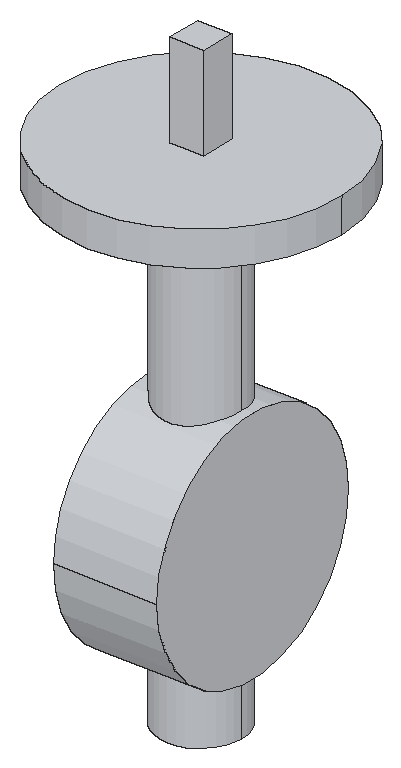
Revit family "HS497-67_disk-litina-volné vřeteno DN040-RFA_2019", category Pipe Accessories, Revit 2019
Family settings
  Round Connector Dimension = Use Diameter
  Part Type = Valve - Breaks Into
  Work Plane-Based = No
  Always vertical = Yes
  Cut with Voids When Loaded = No
  Shared = No
Parameters (values of type "HS 497-67_DN040_PN16_volné vřeteno")
  magiProductId = "35f92312390745e88df5b5c325d9ee"
  magiProductFamilyId = "53cea81e6f374d17b8841d9c72ad77"
  magiPartTypeId = 305
  isMeasuringValve [instance] = no
  ang2D [instance] = 0.00°
  X11 = 61.456 mm
  X1 = 25.456 mm
  W2D = 1000 mm
  VersionID = "2.0/2017.9.26.1/ZETKAMA_497_001"
  Use Minimum Symbol Size [instance] = yes
  URL = "http://www.hydronic.cz"
  Type Comments = "mezipřírubová; litinový disk; PN16; -10~+110°C (krátkodobě +120°C)"
  SW30 = no
  SW3 = no
  SW21 = no
  SW20 = no
  SW2 = no
  SW1 = yes
  R = 20 mm
  QmdConnectorList = "301;D;302;D"
  Productdata [instance] = ""
  NC = 50 mm
  Model = ""
  Manufacturer = "Hydronic Systems Prague s.r.o."
  MM20 = 25.456 mm
  MC Product Code = "123 040 (litinový disk, s volným vřetenem; DN40; PN16, kvs78)"
  M41 = 66 mm
  M4 = 44 mm
  LHL = 220 mm
  LHH3 = 2.45 mm
  LHH1 = 46.55 mm
  LH1 = 73.333 mm
  L4R__ve = -L4R  # -12.8 mm
  L4R = 12.8 mm
  L42__ve = -L42  # -96 mm
  L42 = 96 mm
  L41__ve = -L41  # -19.2 mm
  L41 = 19.2 mm
  L2D_Min = 3048 mm
  L2D = 216 mm
  L2 = 16.5 mm
  L1 = 26.4 mm
  L = 33 mm
  H = 30 mm
  G22 = 11.25 mm
  G2 = 22.5 mm
  G1 = 90 mm
  G = 90 mm
  F = 11 mm
  E44 = 31.25 mm
  E42 = 62.5 mm
  E4 = 125 mm
  E23 = 4.9 mm
  E22 = 19.6 mm
  E21 = 9.8 mm
  Description = "Mezipřírubová uzavírací klapka s volným vřetenem; litinový disk, DN40; PN16; kvs78"
  DR2 = 20 mm
  DR = 76 mm
  DD1 = 15.625 mm
  DD = 12.5 mm
  D = 40 mm
  CAT0 = yes
  B2__ve = -B2  # -36 mm
  B2 = 36 mm
  A2 = 11 mm
  A1 = 79 mm
Types (43, lengths in mm): name | magiProductId | X11 | X1 | Type Comments | SW30 | SW3 | SW20 | SW2 | SW1 | R | NC | MM20 | MC Product Code | M41 | M4 | LHL | LHH3 | LHH1 | LH1 | L4R__ve | L4R | L42__ve | L42 | L41__ve | L41 | L2 | L1 | L | H | G | F | E44 | E42 | E4 | E23 | E22 | E21 | Description | DR2 | DR | DD1 | DD | D | B2__ve | B2 | A2 | A1
  HS 497-67_DN100_PN16_volné vřeteno | "65d1b245f4f142c78569c0602d5754" | 61.456 | 25.456 | "mezipřírubová; litinový disk; PN16; -10~+110°C (krátkodobě +120°C)" | no | no | no | no | yes | 50 | 50 | 25.456 | "123 100 (litinový disk, s volným vřetenem; DN100; PN16, kvs512)" | 66 | 44 | 220 | 2.45 | 46.55 | 73.333 | -12.8 | 12.8 | -96 | 96 | -19.2 | 19.2 | 26 | 41.6 | 52 | 30 | 90 | 11 | 31.25 | 62.5 | 125 | 4.9 | 19.6 | 9.8 | "Mezipřírubová uzavírací klapka s volným vřetenem; litinový disk, DN100; PN16; kvs512" | 50 | 147 | 15.625 | 12.5 | 100 | -56 | 56 | 16.5 | 98.5
  HS 497-67_DN100_PN16_převodové kolo | "11e91b807e674d428c8e796fcdcfe2" | 61.456 | 25.456 | "mezipřírubová; litinový disk; PN16; -10~+110°C (krátkodobě +120°C)" | yes | yes | no | no | no | 50 | 50 | 25.456 | "125 100 (litinový disk, s převodovým kolem; DN100; PN16, kvs512)" | 65.25 | 43.5 | 220 | 2.45 | 46.55 | 73.333 | -12.8 | 12.8 | -96 | 96 | -19.2 | 19.2 | 26 | 41.6 | 52 | 30 | 90 | 11 | 31.25 | 62.5 | 125 | 4.9 | 19.6 | 9.8 | "Mezipřírubová uzavírací klapka s převodovým kolem; litinový disk, DN100; PN16; kvs512" | 50 | 147 | 15.625 | 12.5 | 100 | -56 | 56 | 16.5 | 98.5
  HS 497-67_DN100_PN16_s pákou | "28172f0b3f4b47b28323ac71cf8749" | 61.456 | 25.456 | "mezipřírubová; litinový disk; PN16; -10~+110°C (krátkodobě +120°C)" | no | no | yes | yes | no | 50 | 50 | 25.456 | "120 100 (litinový disk, s pákou; DN100; PN16, kvs512)" | 66 | 44 | 260 | 3 | 57 | 86.667 | -12.8 | 12.8 | -96 | 96 | -19.2 | 19.2 | 26 | 41.6 | 52 | 30 | 90 | 11 | 31.25 | 62.5 | 125 | 6 | 24 | 12 | "Mezipřírubová uzavírací klapka s pákou; litinový disk, DN100; PN16; kvs512" | 50 | 147 | 15.625 | 12.5 | 100 | -56 | 56 | 16.5 | 98.5
  HS 497-67_DN125_PN16_volné vřeteno | "0d813d910fc14f628bb3c2efbd185c" | 61.456 | 25.456 | "mezipřírubová; litinový disk; PN16; -10~+110°C (krátkodobě +120°C)" | no | no | no | no | yes | 62.5 | 50 | 25.456 | "123 125 (litinový disk, s volným vřetenem; DN125; PN16, kvs872)" | 66 | 44 | 220 | 2.45 | 46.55 | 73.333 | -12.8 | 12.8 | -96 | 96 | -19.2 | 19.2 | 28 | 44.8 | 56 | 33 | 90 | 14 | 31.25 | 62.5 | 125 | 4.9 | 19.6 | 9.8 | "Mezipřírubová uzavírací klapka s volným vřetenem; litinový disk, DN125; PN16; kvs872" | 62.5 | 180 | 15.625 | 12.5 | 125 | -64 | 64 | 18 | 99.5
  HS 497-67_DN125_PN16_převodové kolo | "c56b7c13f372467684996fb1e0e229" | 61.456 | 25.456 | "mezipřírubová; litinový disk; PN16; -10~+110°C (krátkodobě +120°C)" | yes | yes | no | no | no | 62.5 | 50 | 25.456 | "125 125 (litinový disk, s převodovým kolem; DN125; PN16, kvs872)" | 65.25 | 43.5 | 220 | 2.45 | 46.55 | 73.333 | -13.5 | 13.5 | -101.25 | 101.25 | -20.25 | 20.25 | 28 | 44.8 | 56 | 33 | 90 | 14 | 40 | 80 | 160 | 4.9 | 19.6 | 9.8 | "Mezipřírubová uzavírací klapka s převodovým kolem; litinový disk, DN125; PN16; kvs872" | 62.5 | 180 | 20 | 16 | 125 | -64 | 64 | 18 | 99.5
  HS 497-67_DN125_PN16_s pákou | "105993c79a91492399feef7931321a" | 61.456 | 25.456 | "mezipřírubová; litinový disk; PN16; -10~+110°C (krátkodobě +120°C)" | no | no | yes | yes | no | 62.5 | 50 | 25.456 | "120 125 (litinový disk, s pákou; DN125; PN16, kvs872)" | 66 | 44 | 315 | 3.75 | 71.25 | 105 | -12.8 | 12.8 | -96 | 96 | -19.2 | 19.2 | 28 | 44.8 | 56 | 33 | 90 | 14 | 31.25 | 62.5 | 125 | 7.5 | 30 | 15 | "Mezipřírubová uzavírací klapka s pákou; litinový disk, DN125; PN16; kvs872" | 62.5 | 180 | 15.625 | 12.5 | 125 | -64 | 64 | 18 | 99.5
  HS 497-67_DN150_PN16_volné vřeteno | "50c80cb8ab434f55ab7796e5ac1331" | 61.456 | 25.456 | "mezipřírubová; litinový disk; PN16; -10~+110°C (krátkodobě +120°C)" | no | no | no | no | yes | 75 | 50 | 25.456 | "123 150 (litinový disk, s volným vřetenem; DN150; PN16, kvs1347)" | 66 | 44 | 220 | 2.45 | 46.55 | 73.333 | -12.8 | 12.8 | -96 | 96 | -19.2 | 19.2 | 28 | 44.8 | 56 | 33 | 90 | 14 | 31.25 | 62.5 | 125 | 4.9 | 19.6 | 9.8 | "Mezipřírubová uzavírací klapka s volným vřetenem; litinový disk, DN150; PN16; kvs1347" | 75 | 206 | 15.625 | 12.5 | 150 | -58 | 58 | 19.3 | 98.7
  HS 497-67_DN150_PN16_převodové kolo | "d94a1a0cf83b476eb10011b327f709" | 61.456 | 25.456 | "mezipřírubová; litinový disk; PN16; -10~+110°C (krátkodobě +120°C)" | yes | yes | no | no | no | 75 | 50 | 25.456 | "125 150 (litinový disk, s převodovým kolem; DN150; PN16, kvs1347)" | 65.25 | 43.5 | 220 | 2.45 | 46.55 | 73.333 | -13.5 | 13.5 | -101.25 | 101.25 | -20.25 | 20.25 | 28 | 44.8 | 56 | 33 | 90 | 14 | 40 | 80 | 160 | 4.9 | 19.6 | 9.8 | "Mezipřírubová uzavírací klapka s převodovým kolem; litinový disk, DN150; PN16; kvs1347" | 75 | 206 | 20 | 16 | 150 | -58 | 58 | 19.3 | 98.7
  HS 497-67_DN150_PN16_s pákou | "4d2835523fe84828bc50ff0a5a0dfb" | 61.456 | 25.456 | "mezipřírubová; litinový disk; PN16; -10~+110°C (krátkodobě +120°C)" | no | no | yes | yes | no | 75 | 50 | 25.456 | "120 150 (litinový disk, s pákou; DN150; PN16, kvs1347)" | 66 | 44 | 315 | 3.75 | 71.25 | 105 | -12.8 | 12.8 | -96 | 96 | -19.2 | 19.2 | 28 | 44.8 | 56 | 33 | 90 | 14 | 31.25 | 62.5 | 125 | 7.5 | 30 | 15 | "Mezipřírubová uzavírací klapka s pákou; litinový disk, DN150; PN16; kvs1347" | 75 | 206 | 15.625 | 12.5 | 150 | -58 | 58 | 19.3 | 98.7
  HS 497-67_DN200_PN16_volné vřeteno | "5b29029eaeba47139ee1055a4b9201" | 61.456 | 25.456 | "mezipřírubová; litinový disk; PN16; -10~+110°C (krátkodobě +120°C)" | no | no | no | no | yes | 100 | 50 | 25.456 | "123 200 (litinový disk, s volným vřetenem; DN200; PN16, kvs2675)" | 66 | 44 | 220 | 2.45 | 46.55 | 73.333 | -12.8 | 12.8 | -96 | 96 | -19.2 | 19.2 | 30 | 48 | 60 | 33 | 90 | 17 | 31.25 | 62.5 | 125 | 4.9 | 19.6 | 9.8 | "Mezipřírubová uzavírací klapka s volným vřetenem; litinový disk, DN200; PN16; kvs2675" | 100 | 257 | 15.625 | 12.5 | 200 | -70 | 70 | 22.5 | 102.5
  HS 497-67_DN200_PN16_převodové kolo | "b2793cc1fcc44cf2a35062cd67c04f" | 61.456 | 25.456 | "mezipřírubová; litinový disk; PN16; -10~+110°C (krátkodobě +120°C)" | yes | yes | no | no | no | 100 | 57 | 25.456 | "125 200 (litinový disk, s převodovým kolem; DN200; PN16, kvs2675)" | 78.75 | 52.5 | 220 | 2.45 | 46.55 | 73.333 | -15.2 | 15.2 | -114 | 114 | -22.8 | 22.8 | 30 | 48 | 60 | 33 | 90 | 17 | 50 | 100 | 200 | 4.9 | 19.6 | 9.8 | "Mezipřírubová uzavírací klapka s převodovým kolem; litinový disk, DN200; PN16; kvs2675" | 100 | 257 | 25 | 20 | 200 | -70 | 70 | 22.5 | 102.5
  HS 497-67_DN200_PN16_s pákou | "f88d96c7af224537a51e72d7d8fffe" | 61.456 | 25.456 | "mezipřírubová; litinový disk; PN16; -10~+110°C (krátkodobě +120°C)" | no | no | yes | yes | no | 100 | 50 | 25.456 | "120 200 (litinový disk, s pákou; DN200; PN16, kvs2675)" | 66 | 44 | 315 | 3.75 | 71.25 | 105 | -12.8 | 12.8 | -96 | 96 | -19.2 | 19.2 | 30 | 48 | 60 | 33 | 90 | 17 | 31.25 | 62.5 | 125 | 7.5 | 30 | 15 | "Mezipřírubová uzavírací klapka s pákou; litinový disk, DN200; PN16; kvs2675" | 100 | 257 | 15.625 | 12.5 | 200 | -70 | 70 | 22.5 | 102.5
  HS 497-67_DN250_PN16_volné vřeteno | "b662e8305ca2402b9c510e66e6aa55" | 88.77 | 36.77 | "mezipřírubová; litinový disk; PN16; -10~+110°C (krátkodobě +120°C)" | no | no | no | no | yes | 125 | 50 | 36.77 | "123 250 (litinový disk, s volným vřetenem; DN250; PN16, kvs4555)" | 66 | 44 | 220 | 2.45 | 46.55 | 73.333 | -12.8 | 12.8 | -96 | 96 | -19.2 | 19.2 | 34 | 54.4 | 68 | 23 | 130 | 22 | 31.25 | 62.5 | 125 | 4.9 | 19.6 | 9.8 | "Mezipřírubová uzavírací klapka s volným vřetenem; litinový disk, DN250; PN16; kvs4555" | 125 | 324 | 15.625 | 12.5 | 250 | -85 | 85 | 28.25 | 129.25
  HS 497-67_DN250_PN16_převodové kolo | "5ee9016806664ddfaa2632711f295c" | 88.77 | 36.77 | "mezipřírubová; litinový disk; PN16; -10~+110°C (krátkodobě +120°C)" | yes | yes | no | no | no | 125 | 70 | 36.77 | "125 250 (litinový disk, s převodovým kolem; DN250; PN16, kvs4555)" | 91.5 | 61 | 220 | 2.45 | 46.55 | 73.333 | -22.2 | 22.2 | -166.5 | 166.5 | -33.3 | 33.3 | 34 | 54.4 | 68 | 23 | 130 | 22 | 62.5 | 125 | 250 | 4.9 | 19.6 | 9.8 | "Mezipřírubová uzavírací klapka s převodovým kolem; litinový disk, DN250; PN16; kvs4555" | 125 | 324 | 31.25 | 25 | 250 | -85 | 85 | 28.25 | 129.25
  HS 497-67_DN300_PN16_volné vřeteno | "e1886f51ff004380a649519258edf2" | 88.77 | 36.77 | "mezipřírubová; litinový disk; PN16; -10~+110°C (krátkodobě +120°C)" | no | no | no | no | yes | 150 | 50 | 36.77 | "123 300 (litinový disk, s volným vřetenem; DN300; PN16, kvs7037)" | 66 | 44 | 220 | 2.45 | 46.55 | 73.333 | -12.8 | 12.8 | -96 | 96 | -19.2 | 19.2 | 39 | 62.4 | 78 | 23 | 130 | 22 | 31.25 | 62.5 | 125 | 4.9 | 19.6 | 9.8 | "Mezipřírubová uzavírací klapka s volným vřetenem; litinový disk, DN300; PN16; kvs7037" | 150 | 376 | 15.625 | 12.5 | 300 | -90 | 90 | 30.8 | 127.2
  HS 497-67_DN300_PN16_převodové kolo | "6860f094f77d42088fbebc3c97f755" | 88.77 | 36.77 | "mezipřírubová; litinový disk; PN16; -10~+110°C (krátkodobě +120°C)" | yes | yes | no | no | no | 150 | 70 | 36.77 | "125 300 (litinový disk, s převodovým kolem; DN300; PN16, kvs7037)" | 91.5 | 61 | 220 | 2.45 | 46.55 | 73.333 | -22.2 | 22.2 | -166.5 | 166.5 | -33.3 | 33.3 | 39 | 62.4 | 78 | 23 | 130 | 22 | 62.5 | 125 | 250 | 4.9 | 19.6 | 9.8 | "Mezipřírubová uzavírací klapka s převodovým kolem; litinový disk, DN300; PN16; kvs7037" | 150 | 376 | 31.25 | 25 | 300 | -90 | 90 | 30.8 | 127.2
  HS 497-67_DN032_PN16_volné vřeteno | "8c5f65de52aa4067a77564107e31b2" | 61.456 | 25.456 | "mezipřírubová; litinový disk; PN16; -10~+110°C (krátkodobě +120°C)" | no | no | no | no | yes | 16 | 50 | 25.456 | "123 032 (litinový disk, s volným vřetenem; DN32; PN16, kvs78)" | 66 | 44 | 220 | 2.45 | 46.55 | 73.333 | -12.8 | 12.8 | -96 | 96 | -19.2 | 19.2 | 16.5 | 26.4 | 33 | 30 | 90 | 11 | 31.25 | 62.5 | 125 | 4.9 | 19.6 | 9.8 | "Mezipřírubová uzavírací klapka s volným vřetenem; litinový disk, DN32; PN16; kvs78" | 16 | 68 | 15.625 | 12.5 | 32 | -44.2 | 44.2 | 10.25 | 76.25
  HS 497-67_DN032_PN16_převodové kolo | "60aaeffa8b3a4e809ef000e4660060" | 61.456 | 25.456 | "mezipřírubová; litinový disk; PN16; -10~+110°C (krátkodobě +120°C)" | yes | yes | no | no | no | 16 | 50 | 25.456 | "125 032 (litinový disk, s převodovým kolem; DN32; PN16, kvs78)" | 65.25 | 43.5 | 220 | 2.45 | 46.55 | 73.333 | -12.8 | 12.8 | -96 | 96 | -19.2 | 19.2 | 16.5 | 26.4 | 33 | 30 | 90 | 11 | 31.25 | 62.5 | 125 | 4.9 | 19.6 | 9.8 | "Mezipřírubová uzavírací klapka s převodovým kolem; litinový disk, DN32; PN16; kvs78" | 16 | 68 | 15.625 | 12.5 | 32 | -44.2 | 44.2 | 10.25 | 76.25
  HS 497-67_DN032_PN16_s pákou | "9ad8088d610749a1b871aa2aad8007" | 61.456 | 25.456 | "mezipřírubová; litinový disk; PN16; -10~+110°C (krátkodobě +120°C)" | no | no | yes | yes | no | 16 | 50 | 25.456 | "120 032 (litinový disk, s pákou; DN32; PN16, kvs78)" | 66 | 44 | 220 | 2.45 | 46.55 | 73.333 | -12.8 | 12.8 | -96 | 96 | -19.2 | 19.2 | 16.5 | 26.4 | 33 | 30 | 90 | 11 | 31.25 | 62.5 | 125 | 4.9 | 19.6 | 9.8 | "Mezipřírubová uzavírací klapka s pákou; litinový disk, DN32; PN16; kvs78" | 16 | 68 | 15.625 | 12.5 | 32 | -44.2 | 44.2 | 10.25 | 76.25
  HS 497-67_DN350_PN10_volné vřeteno | "72a1e05f22944421b7e9596a877137" | 109.255 | 45.255 | "mezipřírubová; litinový disk; PN10; -10~+110°C (krátkodobě +120°C)" | no | no | no | no | yes | 175 | 50 | 45.255 | "123 350 (litinový disk, s volným vřetenem; DN350; PN10, kvs10165)" | 66 | 44 | 220 | 2.45 | 46.55 | 73.333 | -12.8 | 12.8 | -96 | 96 | -19.2 | 19.2 | 39 | 62.4 | 78 | 31 | 160 | 22 | 31.25 | 62.5 | 125 | 4.9 | 19.6 | 9.8 | "Mezipřírubová uzavírací klapka s volným vřetenem; litinový disk, DN350; PN10; kvs10165" | 175 | 430 | 15.625 | 12.5 | 350 | -88 | 88 | 33.85 | 129.65
  HS 497-67_DN350_PN10_převodové kolo | "a5a01426cb28494ba3afca92f1dace" | 109.255 | 45.255 | "mezipřírubová; litinový disk; PN10; -10~+110°C (krátkodobě +120°C)" | yes | yes | no | no | no | 175 | 70 | 45.255 | "125 350 (litinový disk, s převodovým kolem; DN350; PN10, kvs10165)" | 91.5 | 61 | 220 | 2.45 | 46.55 | 73.333 | -22.2 | 22.2 | -166.5 | 166.5 | -33.3 | 33.3 | 39 | 62.4 | 78 | 31 | 160 | 22 | 62.5 | 125 | 250 | 4.9 | 19.6 | 9.8 | "Mezipřírubová uzavírací klapka s převodovým kolem; litinový disk, DN350; PN10; kvs10165" | 175 | 430 | 31.25 | 25 | 350 | -88 | 88 | 33.85 | 129.65
  HS 497-67_DN400_PN10_volné vřeteno | "c70ebeb927c04ab99b176e257ad0a7" | 109.255 | 45.255 | "mezipřírubová; litinový disk; PN10; -10~+110°C (krátkodobě +120°C)" | no | no | no | no | yes | 200 | 50 | 45.255 | "123 400 (litinový disk, s volným vřetenem; DN400; PN10, kvs13799)" | 66 | 44 | 220 | 2.45 | 46.55 | 73.333 | -12.8 | 12.8 | -96 | 96 | -19.2 | 19.2 | 51 | 81.6 | 102 | 31 | 160 | 27 | 31.25 | 62.5 | 125 | 4.9 | 19.6 | 9.8 | "Mezipřírubová uzavírací klapka s volným vřetenem; litinový disk, DN400; PN10; kvs13799" | 200 | 485 | 15.625 | 12.5 | 400 | -108 | 108 | 38 | 142
  HS 497-67_DN400_PN10_převodové kolo | "cc64a4384dcb41b780d81810f4f293" | 109.255 | 45.255 | "mezipřírubová; litinový disk; PN10; -10~+110°C (krátkodobě +120°C)" | yes | yes | no | no | no | 200 | 72.5 | 45.255 | "125 400 (litinový disk, s převodovým kolem; DN400; PN10, kvs13799)" | 103.5 | 69 | 220 | 2.45 | 46.55 | 73.333 | -27.8 | 27.8 | -208.5 | 208.5 | -41.7 | 41.7 | 51 | 81.6 | 102 | 31 | 160 | 27 | 75 | 150 | 300 | 4.9 | 19.6 | 9.8 | "Mezipřírubová uzavírací klapka s převodovým kolem; litinový disk, DN400; PN10; kvs13799" | 200 | 485 | 37.5 | 30 | 400 | -108 | 108 | 38 | 142
  HS 497-67_DN040_PN16_volné vřeteno | "35f92312390745e88df5b5c325d9ee" | 61.456 | 25.456 | "mezipřírubová; litinový disk; PN16; -10~+110°C (krátkodobě +120°C)" | no | no | no | no | yes | 20 | 50 | 25.456 | "123 040 (litinový disk, s volným vřetenem; DN40; PN16, kvs78)" | 66 | 44 | 220 | 2.45 | 46.55 | 73.333 | -12.8 | 12.8 | -96 | 96 | -19.2 | 19.2 | 16.5 | 26.4 | 33 | 30 | 90 | 11 | 31.25 | 62.5 | 125 | 4.9 | 19.6 | 9.8 | "Mezipřírubová uzavírací klapka s volným vřetenem; litinový disk, DN40; PN16; kvs78" | 20 | 76 | 15.625 | 12.5 | 40 | -36 | 36 | 11 | 79
  HS 497-67_DN040_PN16_převodové kolo | "d88e968eae3445bc9b7b4e6ff35127" | 61.456 | 25.456 | "mezipřírubová; litinový disk; PN16; -10~+110°C (krátkodobě +120°C)" | yes | yes | no | no | no | 20 | 50 | 25.456 | "125 040 (litinový disk, s převodovým kolem; DN40; PN16, kvs78)" | 65.25 | 43.5 | 220 | 2.45 | 46.55 | 73.333 | -12.8 | 12.8 | -96 | 96 | -19.2 | 19.2 | 16.5 | 26.4 | 33 | 30 | 90 | 11 | 31.25 | 62.5 | 125 | 4.9 | 19.6 | 9.8 | "Mezipřírubová uzavírací klapka s převodovým kolem; litinový disk, DN40; PN16; kvs78" | 20 | 76 | 15.625 | 12.5 | 40 | -36 | 36 | 11 | 79
  HS 497-67_DN040_PN16_s pákou | "c1b522ca65b4407a98818f232eaacb" | 61.456 | 25.456 | "mezipřírubová; litinový disk; PN16; -10~+110°C (krátkodobě +120°C)" | no | no | yes | yes | no | 20 | 50 | 25.456 | "120 040 (litinový disk, s pákou; DN40; PN16, kvs78)" | 66 | 44 | 220 | 2.45 | 46.55 | 73.333 | -12.8 | 12.8 | -96 | 96 | -19.2 | 19.2 | 16.5 | 26.4 | 33 | 30 | 90 | 11 | 31.25 | 62.5 | 125 | 4.9 | 19.6 | 9.8 | "Mezipřírubová uzavírací klapka s pákou; litinový disk, DN40; PN16; kvs78" | 20 | 76 | 15.625 | 12.5 | 40 | -36 | 36 | 11 | 79
  HS 497-67_DN450_PN10_volné vřeteno | "a8358bc282f14872b3194e530e590a" | 129.74 | 53.74 | "mezipřírubová; litinový disk; PN10; -10~+110°C (krátkodobě +120°C)" | no | no | no | no | yes | 225 | 50 | 53.74 | "123 450 (litinový disk, s volným vřetenem; DN450; PN10, kvs18514)" | 66 | 44 | 220 | 2.45 | 46.55 | 73.333 | -12.8 | 12.8 | -96 | 96 | -19.2 | 19.2 | 57 | 91.2 | 114 | 38 | 190 | 36 | 31.25 | 62.5 | 125 | 4.9 | 19.6 | 9.8 | "Mezipřírubová uzavírací klapka s volným vřetenem; litinový disk, DN450; PN10; kvs18514" | 225 | 536 | 15.625 | 12.5 | 450 | -115 | 115 | 38.05 | 117.45
  HS 497-67_DN450_PN10_převodové kolo | "cdf2d80f54a9414f9cbe50647c0ebd" | 129.74 | 53.74 | "mezipřírubová; litinový disk; PN10; -10~+110°C (krátkodobě +120°C)" | yes | yes | no | no | no | 225 | 91.5 | 53.74 | "125 450 (litinový disk, s převodovým kolem; DN450; PN10, kvs18514)" | 144.75 | 96.5 | 220 | 2.45 | 46.55 | 73.333 | -32.1 | 32.1 | -240.75 | 240.75 | -48.15 | 48.15 | 57 | 91.2 | 114 | 38 | 190 | 36 | 100 | 200 | 400 | 4.9 | 19.6 | 9.8 | "Mezipřírubová uzavírací klapka s převodovým kolem; litinový disk, DN450; PN10; kvs18514" | 225 | 536 | 50 | 40 | 450 | -115 | 115 | 38.05 | 117.45
  HS 497-67_DN500_PN10_volné vřeteno | "8c396e27bb2743f98f3c762b6517cd" | 143.397 | 59.397 | "mezipřírubová; litinový disk; PN10; -10~+110°C (krátkodobě +120°C)" | no | no | no | no | yes | 250 | 50 | 59.397 | "123 500 (litinový disk, s volným vřetenem; DN500; PN10, kvs23805)" | 66 | 44 | 220 | 2.45 | 46.55 | 73.333 | -12.8 | 12.8 | -96 | 96 | -19.2 | 19.2 | 63.5 | 101.6 | 127 | 38 | 210 | 36 | 31.25 | 62.5 | 125 | 4.9 | 19.6 | 9.8 | "Mezipřírubová uzavírací klapka s volným vřetenem; litinový disk, DN500; PN10; kvs23805" | 250 | 593 | 15.625 | 12.5 | 500 | -130 | 130 | 43.25 | 139.25
  HS 497-67_DN500_PN10_převodové kolo | "7647804f32e94cef828a7034a91a46" | 143.397 | 59.397 | "mezipřírubová; litinový disk; PN10; -10~+110°C (krátkodobě +120°C)" | yes | yes | no | no | no | 250 | 91.5 | 59.397 | "125 500 (litinový disk, s převodovým kolem; DN500; PN10, kvs23805)" | 144.75 | 96.5 | 220 | 2.45 | 46.55 | 73.333 | -32.1 | 32.1 | -240.75 | 240.75 | -48.15 | 48.15 | 63.5 | 101.6 | 127 | 38 | 210 | 36 | 100 | 200 | 400 | 4.9 | 19.6 | 9.8 | "Mezipřírubová uzavírací klapka s převodovým kolem; litinový disk, DN500; PN10; kvs23805" | 250 | 593 | 50 | 40 | 500 | -130 | 130 | 43.25 | 139.25
  HS 497-67_DN050_volné vřeteno | "d71f296ecd6d4adf8f6e5d9853b4e0" | 61.456 | 25.456 | "mezipřírubová; litinový disk; PN16; -10~+110°C (krátkodobě +120°C)" | no | no | no | no | yes | 25 | 50 | 25.456 | "123 050 (litinový disk, s volným vřetenem; DN50; PN16, kvs98)" | 66 | 44 | 220 | 2.45 | 46.55 | 73.333 | -12.8 | 12.8 | -96 | 96 | -19.2 | 19.2 | 21.5 | 34.4 | 43 | 30 | 90 | 11 | 31.25 | 62.5 | 125 | 4.9 | 19.6 | 9.8 | "Mezipřírubová uzavírací klapka s volným vřetenem; litinový disk, DN50; PN16; kvs98" | 25 | 100 | 15.625 | 12.5 | 50 | -36.5 | 36.5 | 12 | 83
  HS 497-67_DN050_PN16_převodové kolo | "2fb080deeaed49c58418b94c1da5a4" | 61.456 | 25.456 | "mezipřírubová; litinový disk; PN16; -10~+110°C (krátkodobě +120°C)" | yes | yes | no | no | no | 25 | 50 | 25.456 | "125 050 (litinový disk, s převodovým kolem; DN50; PN16, kvs98)" | 65.25 | 43.5 | 220 | 2.45 | 46.55 | 73.333 | -12.8 | 12.8 | -96 | 96 | -19.2 | 19.2 | 21.5 | 34.4 | 43 | 30 | 90 | 11 | 31.25 | 62.5 | 125 | 4.9 | 19.6 | 9.8 | "Mezipřírubová uzavírací klapka s převodovým kolem; litinový disk, DN50; PN16; kvs98" | 25 | 100 | 15.625 | 12.5 | 50 | -36.5 | 36.5 | 12 | 83
  HS 497-67_DN050_PN16_s pákou | "dabc632061f94877a994b9b4e68112" | 61.456 | 25.456 | "mezipřírubová; litinový disk; PN16; -10~+110°C (krátkodobě +120°C)" | no | no | yes | yes | no | 25 | 50 | 25.456 | "120 050 (litinový disk, s pákou; DN50; PN16, kvs98)" | 66 | 44 | 220 | 2.45 | 46.55 | 73.333 | -12.8 | 12.8 | -96 | 96 | -19.2 | 19.2 | 21.5 | 34.4 | 43 | 30 | 90 | 11 | 31.25 | 62.5 | 125 | 4.9 | 19.6 | 9.8 | "Mezipřírubová uzavírací klapka s pákou; litinový disk, DN50; PN16; kvs98" | 25 | 100 | 15.625 | 12.5 | 50 | -36.5 | 36.5 | 12 | 83
  HS 497-67_DN600_PN10_volné vřeteno | "99d5892c14664fce81a7c5903f7711" | 143.397 | 59.397 | "mezipřírubová; litinový disk; PN10; -10~+110°C (krátkodobě +120°C)" | no | no | no | no | yes | 300 | 50 | 59.397 | "123 600 (litinový disk, s volným vřetenem; DN600; PN10, kvs36778)" | 66 | 44 | 220 | 2.45 | 46.55 | 73.333 | -12.8 | 12.8 | -96 | 96 | -19.2 | 19.2 | 77 | 123.2 | 154 | 80 | 210 | 60 | 31.25 | 62.5 | 125 | 4.9 | 19.6 | 9.8 | "Mezipřírubová uzavírací klapka s volným vřetenem; litinový disk, DN600; PN10; kvs36788" | 300 | 690 | 15.625 | 12.5 | 600 | -140 | 140 | 49.4 | 144.6
  HS 497-67_DN600_PN10_převodové kolo | "b1e26faab48a4c499f6bb11e7e3002" | 143.397 | 59.397 | "mezipřírubová; litinový disk; PN10; -10~+110°C (krátkodobě +120°C)" | yes | yes | no | no | no | 300 | 140 | 59.397 | "125 600 (litinový disk, s převodovým kolem; DN600; PN10, kvs36778)" | 206.25 | 137.5 | 220 | 2.45 | 46.55 | 73.333 | -40.8 | 40.8 | -306 | 306 | -61.2 | 61.2 | 77 | 123.2 | 154 | 80 | 210 | 60 | 125 | 250 | 500 | 4.9 | 19.6 | 9.8 | "Mezipřírubová uzavírací klapka s převodovým kolem; litinový disk, DN600; PN10; kvs36788" | 300 | 690 | 62.5 | 50 | 600 | -140 | 140 | 49.4 | 144.6
  HS 497-67_DN065_PN16_volné vřeteno | "5e5e208646e34ec29f889baab5d08e" | 61.456 | 25.456 | "mezipřírubová; litinový disk; PN16; -10~+110°C (krátkodobě +120°C)" | no | no | no | no | yes | 32.5 | 50 | 25.456 | "123 065 (litinový disk, s volným vřetenem; DN65; PN16, kvs167)" | 66 | 44 | 220 | 2.45 | 46.55 | 73.333 | -12.8 | 12.8 | -96 | 96 | -19.2 | 19.2 | 23 | 36.8 | 46 | 30 | 90 | 11 | 31.25 | 62.5 | 125 | 4.9 | 19.6 | 9.8 | "Mezipřírubová uzavírací klapka s volným vřetenem; litinový disk, DN65; PN16; kv167" | 32.5 | 108 | 15.625 | 12.5 | 65 | -36.5 | 36.5 | 13.5 | 89
  HS 497-67_DN065_PN16_převodové kolo | "654d74c8d15540b0bfe523d988ccb3" | 61.456 | 25.456 | "mezipřírubová; litinový disk; PN16; -10~+110°C (krátkodobě +120°C)" | yes | yes | no | no | no | 32.5 | 50 | 25.456 | "125 065 (litinový disk, s převodovým kolem; DN65; PN16, kvs167)" | 65.25 | 43.5 | 220 | 2.45 | 46.55 | 73.333 | -12.8 | 12.8 | -96 | 96 | -19.2 | 19.2 | 23 | 36.8 | 46 | 30 | 90 | 11 | 31.25 | 62.5 | 125 | 4.9 | 19.6 | 9.8 | "Mezipřírubová uzavírací klapka s převodovým kolem; litinový disk, DN65; PN16; kvs167" | 32.5 | 108 | 15.625 | 12.5 | 65 | -36.5 | 36.5 | 13.5 | 89
  HS 497-67_DN065_PN16_s pákou | "ebeb4b59db0641caaf6d6635ab37b9" | 61.456 | 25.456 | "mezipřírubová; litinový disk; PN16; -10~+110°C (krátkodobě +120°C)" | no | no | yes | yes | no | 32.5 | 50 | 25.456 | "120 065 (litinový disk, s pákou; DN65; PN16, kvs167)" | 66 | 44 | 220 | 2.45 | 46.55 | 73.333 | -12.8 | 12.8 | -96 | 96 | -19.2 | 19.2 | 23 | 36.8 | 46 | 30 | 90 | 11 | 31.25 | 62.5 | 125 | 4.9 | 19.6 | 9.8 | "Mezipřírubová uzavírací klapka s pákou; litinový disk, DN65; PN16; kvs167" | 32.5 | 108 | 15.625 | 12.5 | 65 | -36.5 | 36.5 | 13.5 | 89
  HS 497-67_DN080_PN16_volné vřeteno | "9e85c75c18654e1185a9c48ed6b00e" | 61.456 | 25.456 | "mezipřírubová; litinový disk; PN16; -10~+110°C (krátkodobě +120°C)" | no | no | no | no | yes | 40 | 50 | 25.456 | "123 080 (litinový disk, s volným vřetenem; DN80; PN16, kvs258)" | 66 | 44 | 220 | 2.45 | 46.55 | 73.333 | -12.8 | 12.8 | -96 | 96 | -19.2 | 19.2 | 23 | 36.8 | 46 | 30 | 90 | 11 | 31.25 | 62.5 | 125 | 4.9 | 19.6 | 9.8 | "Mezipřírubová uzavírací klapka s volným vřetenem; litinový disk, DN80; PN16; kvs258" | 40 | 124 | 15.625 | 12.5 | 80 | -54 | 54 | 14.1 | 86.9
  HS 497-67_DN080_PN16_převodové kolo | "5b3c8238c3d041e68c75b199e7ea46" | 61.456 | 25.456 | "mezipřírubová; litinový disk; PN16; -10~+110°C (krátkodobě +120°C)" | yes | yes | no | no | no | 40 | 50 | 25.456 | "125 080 (litinový disk, s převodovým kolem; DN80; PN16, kvs258)" | 65.25 | 43.5 | 220 | 2.45 | 46.55 | 73.333 | -12.8 | 12.8 | -96 | 96 | -19.2 | 19.2 | 23 | 36.8 | 46 | 30 | 90 | 11 | 31.25 | 62.5 | 125 | 4.9 | 19.6 | 9.8 | "Mezipřírubová uzavírací klapka s převodovým kolem; litinový disk, DN80; PN16; kvs258" | 40 | 124 | 15.625 | 12.5 | 80 | -54 | 54 | 14.1 | 86.9
  HS 497-67_DN080_PN16_s pákou | "e414795fab0f4eccb99bc3572c5477" | 61.456 | 25.456 | "mezipřírubová; litinový disk; PN16; -10~+110°C (krátkodobě +120°C)" | no | no | yes | yes | no | 40 | 50 | 25.456 | "120 080 (litinový disk, s pákou; DN80; PN16, kvs258)" | 66 | 44 | 260 | 3 | 57 | 86.667 | -12.8 | 12.8 | -96 | 96 | -19.2 | 19.2 | 23 | 36.8 | 46 | 30 | 90 | 11 | 31.25 | 62.5 | 125 | 6 | 24 | 12 | "Mezipřírubová uzavírací klapka s pákou; litinový disk, DN80; PN16; kvs258" | 40 | 124 | 15.625 | 12.5 | 80 | -54 | 54 | 14.1 | 86.9
  HS 497-67_DN250_PN16_s pákou | "" | 88.77 | 36.77 | "mezipřírubová; litinový disk; PN16; -10~+110°C (krátkodobě +120°C)" | no | no | yes | yes | no | 125 | 70 | 36.77 | "120 250 (litinový disk, s pákou; DN250; PN16, kvs4555)" | 91.5 | 61 | 220 | 2.45 | 46.55 | 73.333 | -22.2 | 22.2 | -166.5 | 166.5 | -33.3 | 33.3 | 34 | 54.4 | 68 | 23 | 130 | 22 | 62.5 | 125 | 250 | 4.9 | 19.6 | 9.8 | "Mezipřírubová uzavírací klapka s pákou; litinový disk, DN250; PN16; kvs4555" | 125 | 324 | 31.25 | 25 | 250 | -85 | 85 | 28.25 | 129.25
  HS 497-67_DN300_PN16_s pákou | "" | 88.77 | 36.77 | "mezipřírubová; litinový disk; PN16; -10~+110°C (krátkodobě +120°C)" | no | no | yes | yes | no | 150 | 70 | 36.77 | "120 300 (litinový disk, s pákou; DN300; PN16, kvs7037)" | 91.5 | 61 | 220 | 2.45 | 46.55 | 73.333 | -22.2 | 22.2 | -166.5 | 166.5 | -33.3 | 33.3 | 39 | 62.4 | 78 | 23 | 130 | 22 | 62.5 | 125 | 250 | 4.9 | 19.6 | 9.8 | "Mezipřírubová uzavírací klapka s pákou; litinový disk, DN300; PN16; kvs7037" | 150 | 376 | 31.25 | 25 | 300 | -90 | 90 | 30.8 | 127.2
Reference planes
  plane 1 "Center (Front/Back)": y = 0
  plane 2 "XYPLANE": z = 0
  plane 3 "Center (Left/Right)": x = 0
  plane 4 "473": x = -25.456
  plane 5 "472": x = -66
  plane 6 "471": y = -25.456
  plane 7 "470": y = 25.456
  plane 8 "469": x = -44
  plane 9 "468": y = -115.2
  plane 10 "467": y = -96
  plane 11 "466": z = 141.25
  plane 12 "465": z = 156.55
  plane 13 "464": y = 145.417
  plane 14 "463": z = 146.75
  plane 15 "462": z = 129.6
  plane 16 "461": z = 139.4
  plane 17 "460": y = 72.083
  plane 18 "459": x = -11.25
  plane 19 "458": x = 11.25
  plane 20 "457": y = -6.25
  plane 21 "456": x = -17.5
  plane 22 "455": x = 17.5
  plane 23 "454": z = 144.3
  plane 24 "453": y = 62.083
  plane 25 "452": y = -11.25
  plane 26 "451": x = -22.5
  plane 27 "450": x = 22.5
  plane 28 "449": z = 124.7
  plane 29 "448": z = 119.8
  plane 30 "447": z = -20
  plane 31 "446": z = 110
  plane 32 "445": z = 99
  plane 33 "444": z = 20
  plane 34 "443": x = 16.5
  plane 35 "442": x = -16.5
  plane 36 "441": z = 0
  plane 37 "440": y = 0
  plane 38 "439": x = 0
  plane 39 "438": z = 159
  plane 40 "437": z = 144.3
  plane 41 "436": x = 13.7
  plane 42 "435": x = -13.7
  plane 43 "434": y = 220
Forms (mm)
  Extrusion 1, solid, visible <- "SW3"
    sketch origin (-750, 0, 110) x (1, 0, 0) y (0, 1, 0)
      loop
        line (684, 25.456) -> (684, -25.456) -> (724.544, -25.456)
        arc (724.544, -25.456) -> (786, 0) -> (724.544, 25.456) r 36
        line (724.544, 25.456) -> (684, 25.456)
    from 0 to 62.5 <- "E42"
  Extrusion 2, solid, visible <- "SW30"
    sketch origin (0, -750, 0) x (0, 1, 0) y (0, 0, 1)
      loop
        circle (750, 141.25) r 7.813
    from 0 to 50 <- "NC"
  Extrusion 3, solid, visible <- "SW30"
    sketch origin (750, -115.2, 0) x (-1, 0, 0) y (0, 0, 1)
      loop
        circle (794, 141.25) r 62.5
    from 0 to -12.8 <- "L4R__ve"
  Extrusion 4, solid, visible <- "SW3"
    sketch origin (750, -96, 0) x (-1, 0, 0) y (0, 0, 1)
      loop
        circle (794, 141.25) r 7.813
    from 0 to -19.2 <- "L41__ve"
  Extrusion 5, solid, visible <- "SW30"
    sketch origin (750, 0, 0) x (-1, 0, 0) y (0, 0, 1)
      loop
        circle (794, 141.25) r 6.25
    from 0 to -96 <- "L42__ve"
  Blend 6, solid, visible <- "SW21"
    base sketch origin (750, 72.083, 0) x (-1, 0, 0) y (0, 0, 1)
      loop
        line (761.25, 139.4) -> (738.75, 139.4) -> (738.75, 129.6) -> (761.25, 129.6) -> (761.25, 139.4)
    top sketch origin (750, 72.083, 0) x (-1, 0, 0) y (0, 0, 1)
      loop
        line (761.25, 156.55) -> (738.75, 156.55) -> (738.75, 146.75) -> (761.25, 146.75) -> (761.25, 156.55)
    from 0 to 73.333
  Blend 7, solid, visible <- "SW21"
    base sketch origin (750, 62.083, 0) x (-1, 0, 0) y (0, 0, 1)
      loop
        line (761.25, 144.3) -> (738.75, 144.3) -> (738.75, 124.7) -> (761.25, 124.7) -> (761.25, 144.3)
    top sketch origin (750, 62.083, 0) x (-1, 0, 0) y (0, 0, 1)
      loop
        line (761.25, 139.4) -> (738.75, 139.4) -> (738.75, 129.6) -> (761.25, 129.6) -> (761.25, 139.4)
    from 0 to 10
  Blend 8, solid, visible <- "SW21"
    base sketch origin (-750, 0, 124.7) x (1, 0, 0) y (0, 1, 0)
      loop
        line (772.5, 62.083) -> (727.5, 62.083) -> (727.5, -11.25)
        arc (727.5, -11.25) -> (750, -31.25) -> (772.5, -11.25) r 22.656
        line (772.5, -11.25) -> (772.5, 62.083)
    top sketch origin (-750, 0, 124.7) x (1, 0, 0) y (0, 1, 0)
      loop
        line (767.5, 62.083) -> (732.5, 62.083) -> (732.5, -6.25)
        arc (732.5, -6.25) -> (750, -26.25) -> (767.5, -6.25) r 17.656
        line (767.5, -6.25) -> (767.5, 62.083)
    from 0 to 19.6
  Extrusion 9, solid, visible <- "SW2"
    sketch origin (-750, 0, 119.8) x (1, 0, 0) y (0, 1, 0)
      loop
        circle (750, 0) r 11.25
    from 0 to 4.9 <- "E23"
  Extrusion 10, solid, visible <- "SW2"
    sketch origin (-750, 0, 110) x (1, 0, 0) y (0, 1, 0)
      loop
        circle (750, 0) r 45
    from 0 to 9.8 <- "E21"
  Extrusion 11, solid, visible <- "CAT0"
    sketch origin (-750, 0, -20) x (1, 0, 0) y (0, 1, 0)
      loop
        circle (750, 0) r 13.2
    from 0 to -36 <- "B2__ve"
  Extrusion 12, solid, visible <- "CAT0"
    sketch origin (-750, 0, 99) x (1, 0, 0) y (0, 1, 0)
      loop
        circle (750, 0) r 45
    from 0 to 11 <- "A2"
  Extrusion 13, solid, visible <- "CAT0"
    sketch origin (-750, 0, 20) x (1, 0, 0) y (0, 1, 0)
      loop
        circle (750, 0) r 13.2
    from 0 to 79 <- "A1"
  Extrusion 14, solid, visible <- "CAT0"
    sketch origin (-16.5, -750, 0) x (0, 1, 0) y (0, 0, 1)
      loop
        circle (750, 0) r 38
    from 0 to 33 <- "L"
  Extrusion 15, solid, visible <- "SW1"
    sketch origin (-750, 0, 110) x (1, 0, 0) y (0, 1, 0)
      loop
        line (755.5, 5.5) -> (744.5, 5.5) -> (744.5, -5.5) -> (755.5, -5.5) -> (755.5, 5.5)
    from 0 to 30 <- "H"
  Blend 16, solid, visible <- "SW2"
    base sketch origin (750, 145.417, 0) x (-1, 0, 0) y (0, 0, 1)
      loop
        arc (763.7, 154) -> (762.236, 157.536) -> (758.7, 159) r 5
        line (758.7, 159) -> (741.3, 159)
        arc (741.3, 159) -> (737.764, 157.536) -> (736.3, 154) r 5
        line (736.3, 154) -> (736.3, 149.3)
        arc (736.3, 149.3) -> (737.764, 145.764) -> (741.3, 144.3) r 5
        line (741.3, 144.3) -> (758.7, 144.3)
        arc (758.7, 144.3) -> (762.236, 145.764) -> (763.7, 149.3) r 5
        line (763.7, 149.3) -> (763.7, 154)
    top sketch origin (750, 145.417, 0) x (-1, 0, 0) y (0, 0, 1)
      loop
        arc (763.7, 154) -> (762.236, 157.536) -> (758.7, 159) r 5
        line (758.7, 159) -> (741.3, 159)
        arc (741.3, 159) -> (737.764, 157.536) -> (736.3, 154) r 5
        line (736.3, 154) -> (736.3, 149.3)
        arc (736.3, 149.3) -> (737.764, 145.764) -> (741.3, 144.3) r 5
        line (741.3, 144.3) -> (758.7, 144.3)
        arc (758.7, 144.3) -> (762.236, 145.764) -> (763.7, 149.3) r 5
        line (763.7, 149.3) -> (763.7, 154)
    from 0 to 74.583
  Blend 17, solid, visible <- "SW20"
    base sketch origin (750, 145.417, 0) x (-1, 0, 0) y (0, 0, 1)
      loop
        line (763.7, 159) -> (736.3, 159) -> (736.3, 144.3) -> (763.7, 144.3) -> (763.7, 159)
    top sketch origin (750, 145.417, 0) x (-1, 0, 0) y (0, 0, 1)
      loop
        line (761.25, 144.3) -> (738.75, 144.3) -> (738.75, 124.7) -> (761.25, 124.7) -> (761.25, 144.3)
    from 0 to -83.333
  Extrusion 18, solid, visible <- "SW20"
    sketch origin (-750, 0, 124.7) x (1, 0, 0) y (0, 1, 0)
      loop
        line (772.5, 62.083) -> (727.5, 62.083) -> (727.5, -11.25)
        arc (727.5, -11.25) -> (750, -31.25) -> (772.5, -11.25) r 22.656
        line (772.5, -11.25) -> (772.5, 62.083)
    from 0 to 19.6 <- "E22"
  Extrusion 19, solid, not visible
    sketch origin (-16.5, -750, 0) x (0, 1, 0) y (0, 0, 1)
      loop
        circle (750, 0) r 10
    from 0 to 10
  Extrusion 20, solid, not visible
    sketch origin (16.5, -750, 0) x (0, 1, 0) y (0, 0, 1)
      loop
        circle (750, 0) r 10
    from 0 to -10
Lines and regions (mm)
  reference lines, not visible
    curve 1: circle (2, 2, 0) r 1 normal (0, 0, 1)
  reference lines
    curve 2: line (-25.456, -25.456, 110) -> (-25.456, 25.456, 110)
    curve 3: line (-17.5, -6.25, 124.7) -> (17.5, -6.25, 124.7)
    curve 4: line (-22.5, -11.25, 124.7) -> (22.5, -11.25, 124.7)
    curve 5: circle (0, 0, 110) r 1 normal (0, 0, 1)
    curve 6: line (-22.5, -11.25, 124.7) -> (22.5, -11.25, 124.7)
Dimensions and locks
  plane 1 "Center (Front/Back)" to curve 1 = 2 mm
  "X1": plane 3 "Center (Left/Right)" to plane 4 "473"
  "M41": plane 3 "Center (Left/Right)" to plane 5 "472"
  "MM20": plane 1 "Center (Front/Back)" to plane 6 "471"
  "MM20": plane 1 "Center (Front/Back)" to plane 7 "470"
  "M4": plane 3 "Center (Left/Right)" to plane 8 "469"
  "L41": plane 10 "467" to plane 9 "468"
  "L42": plane 1 "Center (Front/Back)" to plane 10 "467"
  "E44": plane 31 "446" to plane 11 "466"
  "LHH1": plane 31 "446" to plane 12 "465"
  "LH1": plane 17 "460" to plane 13 "464"
  "E21": plane 12 "465" to plane 14 "463"
  "E21": plane 16 "461" to plane 15 "462"
  "E23": plane 23 "454" to plane 16 "461"
  locked: plane 24 "453" to plane 17 "460" at 10
  "G22": plane 3 "Center (Left/Right)" to plane 18 "459"
  "G22": plane 3 "Center (Left/Right)" to plane 19 "458"
  locked: plane 25 "452" to plane 20 "457" at 5
  locked: plane 26 "451" to plane 21 "456" at 5
  locked: plane 27 "450" to plane 22 "455" at 5
  "E22": plane 28 "449" to plane 23 "454"
  "LH1": plane 25 "452" to plane 24 "453"
  "G22": plane 1 "Center (Front/Back)" to plane 25 "452"
  "G2": plane 3 "Center (Left/Right)" to plane 26 "451"
  "G2": plane 3 "Center (Left/Right)" to plane 27 "450"
  "E23": plane 29 "448" to plane 28 "449"
  "E21": plane 31 "446" to plane 29 "448"
  "R": plane 2 "XYPLANE" to plane 30 "447"
  "A2": plane 32 "445" to plane 31 "446"
  "A1": plane 33 "444" to plane 32 "445"
  "DR2": plane 2 "XYPLANE" to plane 33 "444"
  "L2": plane 3 "Center (Left/Right)" to plane 34 "443"
  "L2": plane 3 "Center (Left/Right)" to plane 35 "442"
  locked: plane 2 "XYPLANE" to plane 36 "441"
  locked: plane 1 "Center (Front/Back)" to plane 37 "440"
  locked: plane 3 "Center (Left/Right)" to plane 38 "439"
  "LHH3": plane 12 "465" to plane 39 "438"
  "LHH3": plane 14 "463" to plane 40 "437"
  "LHH3": plane 19 "458" to plane 41 "436"
  "LHH3": plane 18 "459" to plane 42 "435"
  "LHL": plane 1 "Center (Front/Back)" to plane 43 "434"
  "X11": curve 2 to Extrusion 1 sketch curve
  Extrusion 1 sketch curve to Extrusion 1 sketch curve = 0 mm  (x8)
  Blend 6 sketch curve to Blend 6 sketch curve = 0 mm  (x16)
  Blend 7 sketch curve to Blend 7 sketch curve = 0 mm  (x16)
  Blend 8 sketch curve to Blend 8 sketch curve = 0 mm  (x16)
  equal spacing: Extrusion 15 sketch curve, curve 5, Extrusion 15 sketch curve  (x2)
  "F": Extrusion 15 sketch curve to Extrusion 15 sketch curve  (x2)
  Blend 16 sketch curve to Blend 16 sketch curve = 0 mm  (x32)
  Blend 17 sketch curve to Blend 17 sketch curve = 0 mm  (x16)
  Extrusion 18 sketch curve to Extrusion 18 sketch curve = 0 mm  (x8)
  "DD1": diameter of Extrusion 2 sketch curve
  "E4": diameter of Extrusion 3 sketch curve
  "DD1": diameter of Extrusion 4 sketch curve
  "DD": diameter of Extrusion 5 sketch curve
  "G2": diameter of Extrusion 9 sketch curve
  "G1": diameter of Extrusion 10 sketch curve
  "L1": diameter of Extrusion 11 sketch curve
  "G": diameter of Extrusion 12 sketch curve
  "L1": diameter of Extrusion 13 sketch curve
  "DR": diameter of Extrusion 14 sketch curve
  radius of Blend 16 sketch curve = 5 mm  (x8)
  aligned and locked: level to plane 2 "XYPLANE"
  aligned and locked: Extrusion 1 sketch curve to plane 5 "472"
  aligned and locked: plane 7 "470" to Extrusion 1 sketch curve
  aligned and locked: plane 6 "471" to Extrusion 1 sketch curve
  aligned and locked: plane 5 "472" to Extrusion 1 sketch curve
  aligned and locked: plane 4 "473" to Extrusion 1 sketch curve  (x2)
  aligned and locked: plane 4 "473" to curve 2
  aligned and locked: plane 6 "471" to curve 2
  aligned and locked: plane 7 "470" to curve 2
  aligned and locked: Extrusion 1 sketch curve to plane 7 "470"
  aligned and locked: plane 11 "466" to Extrusion 2 sketch curve
  aligned and locked: plane 37 "440" to Extrusion 2 sketch curve
  aligned and locked: plane 8 "469" to Extrusion 3 sketch curve
  aligned and locked: plane 11 "466" to Extrusion 3 sketch curve
  aligned and locked: plane 8 "469" to Extrusion 4 sketch curve
  aligned and locked: plane 11 "466" to Extrusion 4 sketch curve
  aligned and locked: plane 8 "469" to Extrusion 5 sketch curve
  aligned and locked: plane 11 "466" to Extrusion 5 sketch curve
  aligned and locked: plane 12 "465" to Blend 6 sketch curve  (x2)
  aligned and locked: plane 18 "459" to Blend 6 sketch curve  (x4)
  aligned and locked: plane 19 "458" to Blend 6 sketch curve  (x4)
  aligned and locked: plane 14 "463" to Blend 6 sketch curve  (x2)
  aligned and locked: plane 16 "461" to Blend 6 sketch curve  (x2)
  aligned and locked: plane 15 "462" to Blend 6 sketch curve  (x2)
  aligned and locked: plane 13 "464" to Blend 6
  aligned and locked: plane 16 "461" to Blend 7 sketch curve  (x2)
  aligned and locked: plane 18 "459" to Blend 7 sketch curve  (x4)
  aligned and locked: plane 19 "458" to Blend 7 sketch curve  (x4)
  aligned and locked: plane 15 "462" to Blend 7 sketch curve  (x2)
  aligned and locked: plane 23 "454" to Blend 7 sketch curve  (x2)
  aligned and locked: plane 28 "449" to Blend 7 sketch curve  (x2)
  aligned and locked: plane 17 "460" to Blend 7
  aligned and locked: plane 24 "453" to Blend 8 sketch curve  (x4)
  aligned and locked: plane 22 "455" to Blend 8 sketch curve  (x2)
  aligned and locked: plane 21 "456" to Blend 8 sketch curve
  aligned and locked: plane 20 "457" to Blend 8 sketch curve  (x2)
  aligned and locked: curve 3 to plane 20 "457"
  aligned and locked: plane 21 "456" to curve 3
  aligned and locked: plane 22 "455" to curve 3
  aligned and locked: plane 27 "450" to Blend 8 sketch curve  (x2)
  aligned and locked: plane 26 "451" to Blend 8 sketch curve
  aligned and locked: plane 25 "452" to Blend 8 sketch curve  (x2)
  aligned and locked: curve 4 to plane 25 "452"
  aligned and locked: plane 26 "451" to curve 4
  aligned and locked: plane 27 "450" to curve 4
  aligned and locked: plane 23 "454" to Blend 8
  aligned and locked: plane 37 "440" to Extrusion 9 sketch curve
  aligned and locked: plane 38 "439" to Extrusion 9 sketch curve
  aligned and locked: plane 37 "440" to Extrusion 10 sketch curve
  aligned and locked: plane 38 "439" to Extrusion 10 sketch curve
  aligned and locked: plane 37 "440" to Extrusion 11 sketch curve
  aligned and locked: plane 38 "439" to Extrusion 11 sketch curve
  aligned and locked: plane 37 "440" to Extrusion 12 sketch curve
  aligned and locked: plane 38 "439" to Extrusion 12 sketch curve
  aligned and locked: plane 37 "440" to Extrusion 13 sketch curve
  aligned and locked: plane 38 "439" to Extrusion 13 sketch curve
  aligned and locked: plane 36 "441" to Extrusion 14 sketch curve
  aligned and locked: Extrusion 14 sketch curve to plane 37 "440"
  aligned and locked: plane 37 "440" to curve 5
  aligned and locked: plane 38 "439" to curve 5
  aligned and locked: plane 39 "438" to Blend 16 sketch curve  (x2)
  aligned and locked: plane 41 "436" to Blend 16 sketch curve  (x2)
  aligned and locked: Blend 16 sketch curve to plane 40 "437"  (x2)
  aligned and locked: Blend 16 sketch curve to plane 42 "435"  (x2)
  aligned and locked: plane 43 "434" to Blend 16
  aligned and locked: plane 23 "454" to Blend 17 sketch curve  (x2)
  aligned and locked: plane 18 "459" to Blend 17 sketch curve  (x2)
  aligned and locked: plane 19 "458" to Blend 17 sketch curve  (x2)
  aligned and locked: plane 28 "449" to Blend 17 sketch curve  (x2)
  aligned and locked: plane 39 "438" to Blend 17 sketch curve  (x2)
  aligned and locked: plane 42 "435" to Blend 17 sketch curve  (x2)
  aligned and locked: plane 41 "436" to Blend 17 sketch curve  (x2)
  aligned and locked: plane 40 "437" to Blend 17 sketch curve  (x2)
  aligned and locked: Blend 17 to plane 24 "453"
  aligned and locked: plane 24 "453" to Extrusion 18 sketch curve  (x2)
  aligned and locked: plane 27 "450" to Extrusion 18 sketch curve  (x2)
  aligned and locked: plane 26 "451" to Extrusion 18 sketch curve
  aligned and locked: plane 25 "452" to Extrusion 18 sketch curve  (x2)
  aligned and locked: curve 6 to plane 25 "452"
  aligned and locked: plane 26 "451" to curve 6
  aligned and locked: plane 27 "450" to curve 6
  aligned and locked: plane 36 "441" to Extrusion 19 sketch curve
  aligned and locked: Extrusion 19 sketch curve to plane 37 "440"
  aligned and locked: plane 36 "441" to Extrusion 20 sketch curve
  aligned and locked: Extrusion 20 sketch curve to plane 37 "440"
Automatic sketch dimensions
  Blend 8 sketch curve to plane 20 "457" = 2.344 mm  (x2)
  Extrusion 18 sketch curve to plane 20 "457" = 2.344 mm
  plane 25 "452" to Extrusion 19 sketch curve = 1.25 mm
  plane 25 "452" to Extrusion 20 sketch curve = 1.25 mm
  plane 3 "Center (Left/Right)" to curve 1 = 2 mm
  Extrusion 15 sketch curve to plane 3 "Center (Left/Right)" = 5.5 mm
  plane 20 "457" to Extrusion 15 sketch curve = 0.75 mm
  radius of curve 5 = 1 mm
  radius of curve 1 = 1 mm
Connectors
  piping at (-16.5, 0, 0), diameter 40, driven by "D"
    settings: on Extrusion 19, index 1, connector inside diameter 609.6 mm, connector length 0 mm, flow factor 0, pipe flow 0.0 L/s, pressure drop 0.0 Pa, fitting loss kfactor 0, connector angle 0.00°, fixture units 0, engagement length 0 mm, angle of deflection 0.00°, flow configuration 0, flow direction 0, fitting loss method 0, system type 29, joint type 0, gender type 0, connector reference index 2, connector utility 0, adjustable connector no, is connector primary yes, connector description ""
  piping at (16.5, 0, 0), diameter 40, driven by "D"
    settings: on Extrusion 20, index 2, connector inside diameter 609.6 mm, connector length 0 mm, flow factor 0, pipe flow 0.0 L/s, pressure drop 0.0 Pa, fitting loss kfactor 0, connector angle 0.00°, fixture units 0, engagement length 0 mm, angle of deflection 0.00°, flow configuration 0, flow direction 0, fitting loss method 0, system type 29, joint type 0, gender type 0, connector reference index 1, connector utility 0, adjustable connector no, is connector primary no, connector description ""
